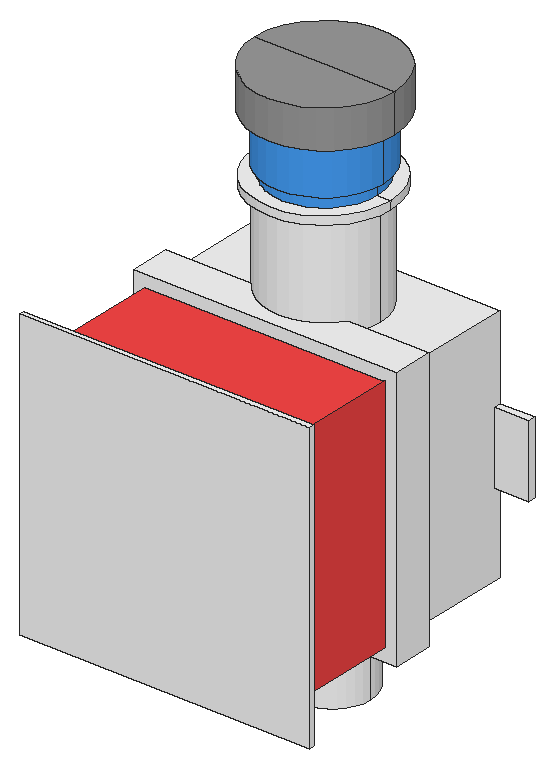
Revit family "HL_condensate trap_HL138NH", category Příslušenství trubek, Revit 2021
Family settings
  Kóta kulaté spojky = Použít průměr
  Typ dílu = Normální
  Číslo OmniClass = 23.60.30.00
  Nadpis OmniClass = General Pipework and Ductwork Products
  Založené na pracovní rovině = Ne
  Vždy vertikální = Ano
  Ořezat dutým tvarem při načtení = Ne
  Sdílené = Ne
Parameters (values of type "HL_condensate trap_HL138NH")
  x [instance] = if(Installation height > 110 mm, -10 mm, if(Installation height < 60 mm, -10 mm, Installation height - 59 mm))  # 51 mm
  a [instance] = if(Input 20, 129 mm, 113 mm)  # 113 mm
  WEIGHT = "0,3 kg"
  Výrobce = "HL Hutterer & Lechner GmbH"
  Výchozí výška = 0 mm
  URL = "http://www.hutterer-lechner.com/en/products/catalog/roof-drains/HL138NH.aspx"
  built-in parameter 1114242 [instance] = 1
  Popis = "Air condition and ventilation"
  NOMINAL DIAMETER 2 = 32 mm
  NOMINAL DIAMETER [instance] = if(Input 20, 20 mm, 32 mm)  # 32 mm
  Model = "HL138NH"
  Material 3 = Plastic - Red
  Material = Plactic - White
  Material 2 = Plactic - Black
  MATERIAL = "PP"
  LEGAL NOTICE = "\"Copyright (©), design rights or any other intellectual property rights, shall be the exclusive property of HL Hutterer & Lechner GmbH. Modification is not allowed. Family has been watermarked.\""
  Komentáře k typům = "In-wall siphon for condensate water with hygienic adapter"
  Installation height [instance] = 110 mm
  Input 20 [instance] = no
  INSTALLATION HEIGHT = "60 - 110 mm"
  INLET = "Ø 20 - 32 mm"
  FLOW = 0.0 m³/h
  EAN = "9003076051915"
  DIMENSION = "DN32"
  Cena = 0
  CAPACITY = "0,033 l/s"
Reference planes
  plane 1 "Střed (vpředu/vzadu)": y = 0
  plane 2: z = 0
  plane 3 "Střed (vlevo/vpravo)": x = 0
  plane 4: y = -5
Forms (mm)
  Extrusion 1, solid, material "Plactic - White" <- "Material", detail levels fine
    sketch origin (0, 0, 0) x (1, 0, 0) y (0, 0, 1)
      loop
        line (-46.004, 49.936) -> (-46.004, -49.921) -> (53.868, -49.921) -> (53.868, 49.936) -> (-46.004, 49.936)
    from -25.067 to 18
  Extrusion 2, solid, material "Plactic - White" <- "Material", detail levels fine
    sketch origin (0, -18, 0) x (1, 0, 0) y (0, 0, 1)
      loop
        line (-51, 54.779) -> (-51, -55.221) -> (59, -55.221) -> (59, 54.779) -> (-51, 54.779)
    from 0 to 17.006
  Extrusion 3, solid, material "Plastic - Red" <- "Material 3", detail levels fine
    sketch origin (0, -35.006, 0) x (1, 0, 0) y (0, 0, 1)
      loop
        line (53.868, 49.936) -> (-46.004, 49.936) -> (-46.004, -49.921) -> (53.868, -49.921) -> (53.868, 49.936)
    from 0 to 51 <- "x"
  Extrusion 4, solid, material "Plactic - White" <- "Material", detail levels fine
    sketch origin (0, -86.006, 0) x (1, 0, 0) y (0, 0, 1)
      loop
        line (65.152, 59.779) -> (-56, 59.779) -> (-56, -60.221) -> (65.152, -60.221) -> (65.152, 59.779)
    from 0 to 2
  Extrusion 5, solid, material "Plactic - White" <- "Material", detail levels fine
    sketch origin (0, 0, 0) x (1, 0, 0) y (0, 0, 1)
      loop
        line (53.868, -14.942) -> (68.617, -14.942) -> (68.617, 15.2) -> (53.868, 15.2) -> (53.868, -14.942)
    from -25.067 to -22.118
  Extrusion 6, solid, material "Plactic - White" <- "Material", detail levels fine
    sketch origin (-114.622, 0, 0) x (1, 0, 0) y (0, 0, 1)
      loop
        line (53.868, -14.942) -> (68.617, -14.942) -> (68.617, 15.2) -> (53.868, 15.2) -> (53.868, -14.942)
    from -25.067 to -22.118
  Revolve 7, solid, material "Plactic - White" <- "Material", detail levels fine
    sketch origin (4.502, -5, 0) x (1, 0, 0) y (0, 0, 1)
      loop
        line (0, 49.936) -> (23.698, 49.936) -> (23.698, 93.574) -> (0, 93.574) -> (0, 49.936)
      axis (0, 49.936) -> (0, 93.574)
    angle from 0 to 360
  Revolve 8, solid, material "Plactic - White" <- "Material", detail levels fine
    sketch origin (26, 0, 0.233) x (1, 0, 0) y (0, 0, 1)
      loop
        line (-22.019, -96.826) -> (-5.909, -96.826) -> (-5.909, -49.921) -> (-22.019, -49.921) -> (-22.019, -96.826)
      axis (-22.019, -49.921) -> (-22.019, -96.826)
    angle from 0 to 360
  Revolve 9, solid, material "Plactic - White" <- "Material", detail levels fine
    sketch origin (4.502, -5, -2.412) x (1, 0, 0) y (0, 0, 1)
      loop
        line (0, 95.986) -> (28.2, 95.986) -> (28.2, 99.379) -> (0, 99.379) -> (0, 95.986)
      axis (0, 95.986) -> (0, 99.379)
    angle from 0 to 360
  Revolve 10, solid, material "Plastic - Blue", detail levels fine
    sketch origin (0, -5, 0) x (1, 0, 0) y (0, 0, 1)
      loop
        line (4.968, 122.174) -> (-19.568, 122.175) -> (-19.568, 102.034) -> (-17.266, 102.034) -> (-17.266, 96.967) -> (4.968, 96.967) -> (4.968, 122.174)
      axis (4.968, 122.174) -> (4.968, 96.967)
    angle from 0 to 360
  Revolve 11, solid, material "Plactic - Black", detail levels fine
    sketch origin (0, -5, 0) x (1, 0, 0) y (0, 0, 1)
      loop
        line (4.968, 138.175) -> (-24.268, 138.175) -> (-24.268, 122.175) -> (4.968, 122.174) -> (4.968, 138.175)
      axis (4.968, 138.175) -> (4.968, 122.174)
    angle from 0 to 360
Lines and regions (mm)
  model lines, detail levels coarse+medium
    curve 1: line (0, 0, 41.279) -> (35, 0, 41.279)
    curve 2: line (35, 0, 41.279) -> (35, 0, -28.721)
    curve 3: line (35, 0, -28.721) -> (18.98, 0, -28.721)
    curve 4: line (18.98, 0, -28.721) -> (18.98, 0, 21.279)
    curve 5: line (18.98, 0, 21.279) -> (3.981, 0, 21.279)
    curve 6: line (3.981, 0, -96.826) -> (3.981, 0, 21.279)
    curve 7: line (0, -5, 96.279) -> (0, 0, 41.279)
  reference lines
    curve 8: line (3.981, 0, 0) -> (3.981, 0, -96.826)
    curve 9: line (0, -5, 0) -> (0, -5, 113)
  symbolic lines, detail levels coarse+medium
    curve 10: line (-46.004, 25.067, 0) -> (53.868, 25.067, 0)
    curve 11: line (-46.004, -86.006, 0) -> (-46.004, 25.066, 0)
    curve 12: line (53.868, -86.006, 0) -> (-46.004, -86.006, 0)
    curve 13: line (53.868, 25.066, 0) -> (53.868, -86.006, 0)
Dimensions and locks
  "a": curve 9 to plane 2
  "x": Extrusion 4 to Extrusion 2
  curve 2 to curve 4 = 16.02 mm
  aligned and locked: level to plane 2
  aligned and locked: Extrusion 4 to curve 12
  aligned and locked: Revolve 9 to Revolve 7
  aligned and locked: Extrusion 1 to Revolve 7
Automatic sketch dimensions
  curve 7 to plane 4 = 0 mm
  curve 7 to plane 1 "Střed (vpředu/vzadu)" = 0 mm
  level to curve 7 = 41.279 mm
  curve 7 to curve 7 = 55 mm
  curve 12 to plane 3 "Střed (vlevo/vpravo)" = 46.004 mm
  plane 3 "Střed (vlevo/vpravo)" to curve 12 = 53.868 mm
  curve 11 to plane 1 "Střed (vpředu/vzadu)" = 25.066 mm
  curve 8 to level = 0 mm
  plane 3 "Střed (vlevo/vpravo)" to curve 8 = 3.981 mm
  curve 8 to level = 96.826 mm
  Extrusion 1 sketch curve to plane 3 "Střed (vlevo/vpravo)" = 46.004 mm
  plane 3 "Střed (vlevo/vpravo)" to Extrusion 1 sketch curve = 53.868 mm
  Extrusion 1 sketch curve to level = 49.921 mm
  level to Extrusion 1 sketch curve = 49.936 mm
  Extrusion 1 to Extrusion 2 sketch curve = 4.996 mm
  Extrusion 1 to Extrusion 2 sketch curve = 5.132 mm
  Extrusion 1 to Extrusion 2 sketch curve = 5.3 mm
  Extrusion 1 to Extrusion 2 sketch curve = 4.843 mm
  Extrusion 3 sketch curve to Extrusion 2 = 4.996 mm
  Extrusion 3 sketch curve to Extrusion 2 = 5.132 mm
  Extrusion 3 sketch curve to Extrusion 2 = 5.3 mm
  Extrusion 3 sketch curve to Extrusion 2 = 4.843 mm
  Extrusion 3 to Extrusion 4 sketch curve = 9.996 mm
  Extrusion 3 to Extrusion 4 sketch curve = 11.283 mm
  Extrusion 3 to Extrusion 4 sketch curve = 10.3 mm
  Extrusion 3 to Extrusion 4 sketch curve = 9.843 mm
  level to Extrusion 5 sketch curve = 15.2 mm
  plane 3 "Střed (vlevo/vpravo)" to Extrusion 5 sketch curve = 53.868 mm
  Extrusion 5 sketch curve to Extrusion 5 sketch curve = 14.749 mm
  Extrusion 5 sketch curve to level = 14.942 mm
  level to Extrusion 6 sketch curve = 15.2 mm
  Extrusion 6 sketch curve to plane 3 "Střed (vlevo/vpravo)" = 60.753 mm
  Extrusion 6 sketch curve to Extrusion 6 sketch curve = 14.749 mm
  Extrusion 6 sketch curve to level = 14.942 mm
  plane 3 "Střed (vlevo/vpravo)" to Revolve 7 sketch curve = 4.502 mm  (x2)
  Revolve 7 sketch curve to Revolve 7 sketch curve = 23.698 mm
  level to Revolve 7 sketch curve = 49.936 mm
  Revolve 7 sketch curve to Revolve 7 sketch curve = 43.638 mm
  Revolve 7 sketch curve to Revolve 7 sketch curve = 14.538 mm
  Revolve 7 sketch curve to Revolve 7 sketch curve = 9.332 mm
  plane 3 "Střed (vlevo/vpravo)" to Revolve 8 sketch curve = 3.981 mm
  Revolve 8 sketch curve to Revolve 8 sketch curve = 16.11 mm
  Revolve 8 sketch curve to level = 96.593 mm
  Revolve 8 sketch curve to Revolve 8 sketch curve = 46.905 mm
  Revolve 8 sketch curve to Revolve 8 sketch curve = 0 mm  (x2)
  Revolve 8 sketch curve to Revolve 8 sketch curve = 25 mm
  plane 3 "Střed (vlevo/vpravo)" to Revolve 9 sketch curve = 4.502 mm
  Revolve 9 sketch curve to Revolve 9 sketch curve = 28.2 mm
  level to Revolve 9 sketch curve = 93.574 mm
  Revolve 9 sketch curve to Revolve 9 sketch curve = 3.393 mm
  Revolve 9 sketch curve to Revolve 9 sketch curve = 0 mm  (x2)
  Revolve 9 sketch curve to Revolve 9 sketch curve = 38.432 mm
  Revolve 10 sketch curve to plane 3 "Střed (vlevo/vpravo)" = 19.568 mm
  Revolve 10 sketch curve to Revolve 10 sketch curve = 2.302 mm
  plane 3 "Střed (vlevo/vpravo)" to Revolve 10 sketch curve = 4.968 mm  (x2)
  level to Revolve 10 sketch curve = 96.967 mm
  Revolve 10 sketch curve to Revolve 10 sketch curve = 5.068 mm
  Revolve 10 sketch curve to Revolve 10 sketch curve = 25.208 mm
  Revolve 10 sketch curve to Revolve 10 sketch curve = 0 mm
  Revolve 10 sketch curve to Revolve 10 sketch curve = 16 mm
  Revolve 11 sketch curve to plane 3 "Střed (vlevo/vpravo)" = 24.268 mm
  plane 3 "Střed (vlevo/vpravo)" to Revolve 11 sketch curve = 4.968 mm
  level to Revolve 11 sketch curve = 122.175 mm
  Revolve 11 sketch curve to Revolve 11 sketch curve = 16 mm
  Revolve 11 sketch curve to Revolve 11 sketch curve = 0 mm  (x3)
  curve 1 to plane 3 "Střed (vlevo/vpravo)" = 0 mm
  plane 3 "Střed (vlevo/vpravo)" to curve 5 = 3.981 mm
  plane 3 "Střed (vlevo/vpravo)" to curve 3 = 18.98 mm
  curve 3 to level = 28.721 mm
  level to curve 5 = 21.279 mm
  curve 4 to curve 1 = 20 mm
  curve 6 to curve 3 = 68.104 mm
  curve 9 to plane 3 "Střed (vlevo/vpravo)" = 0 mm
  curve 9 to level = 0 mm
Connectors
  piping at (5.02, -5, 113), diameter 32, driven by "FLOW", driven by "NOMINAL DIAMETER"
    settings: on curve 9, index 1, connector inside diameter 609.6 mm, connector length 0 mm, flow factor 0, pipe flow 0.0 m³/h, pressure drop 0.0 Pa, fitting loss kfactor 0, connector angle 0.00°, fixture units 0, engagement length 0 mm, angle of deflection 0.00°, flow configuration 0, flow direction 0, fitting loss method 0, system type 16, joint type 0, gender type 0, connector reference index 2, connector utility 0, adjustable connector yes, is connector primary yes, connector description ""
  piping at (3.981, 0, -96.826), diameter 32, driven by "FLOW", driven by "NOMINAL DIAMETER 2"
    settings: on curve 8, index 2, connector inside diameter 609.6 mm, connector length 0 mm, flow factor 0, pipe flow 0.0 m³/h, pressure drop 0.0 Pa, fitting loss kfactor 0, connector angle 0.00°, fixture units 0, engagement length 0 mm, angle of deflection 0.00°, flow configuration 0, flow direction 0, fitting loss method 4, system type 16, joint type 0, gender type 0, connector reference index 1, connector utility 0, adjustable connector yes, is connector primary no, connector description ""
